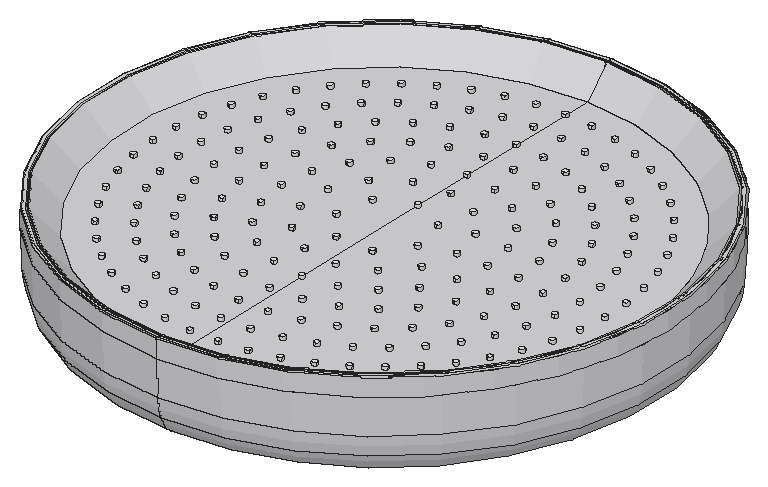
Revit family "Shower-Rainhead-KOHLER-K-26292T_1", category Plumbing Fixtures, host Face, Revit 2017
Family settings
  Host = Face
  Round Connector Dimension = Use Diameter
  Part Type = Normal
  OmniClass Number = 23.31.17.00
  OmniClass Title = Showers
  Cut with Voids When Loaded = No
  Shared = No
  Room Calculation Point = No
Parameters (values of type "CP-Polished Chrome")
  Width = 13 115/128"  # constant formula
  WaterSense Certified = 1 = 0  # no
  Waste Water Outlet = "Waste Water Outlet"  # constant formula
  Waste Connection = 1 = 0  # no
  Vent Connection = 1 = 0  # no
  URL = "https://www.kohler.co.in/"
  Type = 1
  Product Page URL = ""
  Product Name = "Rainhead"  # constant formula
  Product Documentation Link = ""
  Pressure = 0.00 psi
  Model = if(Type = 1, "K-26292T-CP", if(Type = 2, "K-26292T-BN", if(Type = 3, "K-26292T-BL", if(Type = 4, "K-26292T-2MB", if(Type = 5, "K-26292T-AF", if(Type = 6, "K-26292T-RGD", "NA"))))))  # "K-26292T-CP"
  Material = "Brass Construction"  # constant formula
  Master Format 2014 Name = "Residential Showers"  # constant formula
  Master Format 2014 = "22 42 23"  # constant formula
  Manufacturer Address = "Kohler Beijing Office (100016) 36-2-03-B, No. 88, Liuxiang Road, Beijing"  # constant formula
  Manufacturer = "KOHLER Co."  # constant formula
  Length = 13 115/128"  # constant formula
  Hot Water Inlet = "Tempered Water Inlet"  # constant formula
  Height = 3 31/32"  # constant formula
  HW Connection = 1 = 1  # yes
  Flow Rate = 2.5 GPM  # constant formula
  Finish = Kohler-Metal-CP-Polished_Chrome
  Environmental Product Declaration = ""
  Drain Included = 1 = 0  # no
  Description = "1F MEDIUM ROUND RAINHEAD"  # constant formula
  Default Elevation = 0"
  Declare Label = ""
  Date Modified = "02/02/2021"  # constant formula
  Date Created = "02/02/2021"  # constant formula
  Copyright = "Copyright KOHLER Co."  # constant formula
  Contact Us = "http://www.kohler.com.cn/contact/contact-us/"
  Cold Water Inlet = "Cold Water Inlet"  # constant formula
  CW Connection = 1 = 0  # no
  Assembly Code = "D2010700"
  ADA Compliant = 1 = 0  # no
Types (7): name | Type | Model | Finish
  (no name) | 1 | "K-26292T-CP" | Kohler-Metal-CP-Polished_Chrome
  CP-Polished Chrome | 1 | "K-26292T-CP" | Kohler-Metal-CP-Polished_Chrome
  BN-Vibrant Brushed Nickel | 2 | "K-26292T-BN" | Kohler-Metal-BN-Vibrant_Brushed_Nickel
  BL-Matte Black | 3 | "K-26292T-BL" | Kohler-Metal-BL-Matte_Black
  2MB-Vibrant Brushed Moderne Brass | 4 | "K-26292T-2MB" | Kohler-Metal-2MB-Vibrant_Brushed_Moderne_Brass
  AF-Flange Gold | 5 | "K-26292T-AF" | Kohler-Metal-AF-Flange_Gold
  RGD-PolishedRoseGold | 6 | "K-26292T-RGD" | Kohler-Metal-RGD-Polished_Rose_Gold
Reference planes (in)
  plane 1 "Center (Front/Back)": y = 0
  plane 2: z = 0
  plane 3 "Center (Left/Right)": x = 0
  plane 4: y = 6.95
  plane 5: x = -6.95
  plane 6: x = 6.94844
  plane 7: z = 3.96875
  plane 8: z = 1.19
  plane 9: y = -6.94844
Dimensions and locks (in)
  "Height": plane 7 to level
  "Width": plane 5 to plane 6
  "Length": plane 4 to plane 9
  aligned and locked: plane 2 to host face
  aligned and locked: level to host face
Automatic sketch dimensions
  host sketch curve to host sketch curve = 96"  (x2)
Nested families (in)
  nested 1: "K-26292T" at (0, 0, 0), type "K-26292T"
Connectors (in)
  piping at (0, 0, 0), diameter 0.5, driven by "HW Connection", driven by "Hot Water Inlet", driven by "Flow Rate"
    settings: on nested 1, index 1, connector inside diameter 24", connector length 0", flow factor 0, pipe flow 2.5 GPM, pressure drop 0.00 psi, fitting loss kfactor 0, connector angle 0.00°, fixture units 0, engagement length 0", angle of deflection 0.00°, flow configuration 1, flow direction 1, fitting loss method 0, system type 19, joint type 0, gender type 0, connector reference index -1, connector utility 1, adjustable connector no, is connector primary yes, connector description "Tempered Water Inlet"
Definition of nested family "K-26292T"
  Parameters (values of type "K-26292IN")
    Material = none
  Reference planes (in)
    plane 1 "Center (Front/Back)": y = 0
    plane 2: z = 0
    plane 3 "Center (Left/Right)": x = 0
    plane 4: x = -6.95
    plane 5: z = 3.97
    plane 6: z = 1.19
    plane 7: y = 6.95
    plane 8: x = 6.95
    plane 9: y = -6.95
  Forms (in)
    Revolve 1, solid, material <- "Material", detail levels medium+fine
      sketch origin (0, 0, 0) x (0, 1, 0) y (0, 0, 1)
        loop
          line (6.9281, 3.97) -> (6.8528, 3.97)
          arc (6.8528, 3.97) -> (6.83763, 3.96375) -> (6.83126, 3.94862) r 0.02155
          line (6.83126, 3.94862) -> (6.82967, 3.74213)
          arc (6.82967, 3.74213) -> (6.8221, 3.7815) -> (6.81956, 3.82151) r 0.31694
          line (6.81956, 3.82151) -> (6.81956, 3.95421)
          arc (6.81956, 3.95421) -> (6.81092, 3.96709) -> (6.79573, 3.96396) r 0.01391
          line (6.79573, 3.96396) -> (6.19738, 3.35453) -> (0, 3.35453) -> (0, 0) -> (0.47469, 0)
          arc (0.47469, 0) -> (0.48914, 0.00599) -> (0.49513, 0.02045) r 0.02045
          line (0.49513, 0.02045) -> (0.49513, 0.75101)
          arc (0.49513, 0.75101) -> (0.45634, 0.879) -> (0.35301, 0.96391) r 0.23052
          arc (0.35301, 0.96391) -> (0.31081, 1.0177) -> (0.33479, 1.08171) r 0.06978
          arc (0.33479, 1.08171) -> (0.44098, 1.20145) -> (0.50852, 1.34654) r 0.55414
          line (0.50852, 1.34654) -> (2.57513, 1.34654)
          arc (2.57513, 1.34654) -> (4.09102, 1.37419) -> (5.60489, 1.4571) r 41.56538
          arc (5.60489, 1.4571) -> (5.97056, 1.51447) -> (6.32179, 1.63124) r 2.24137
          arc (6.32179, 1.63124) -> (6.62545, 1.84229) -> (6.82058, 2.1564) r 0.91369
          arc (6.82058, 2.1564) -> (6.8901, 2.39883) -> (6.92366, 2.64879) r 1.73194
          arc (6.92366, 2.64879) -> (6.94341, 3.08298) -> (6.95, 3.51757) r 14.34154
          line (6.95, 3.51757) -> (6.95, 3.9481)
          arc (6.95, 3.9481) -> (6.94359, 3.96359) -> (6.9281, 3.97) r 0.0219
        axis (0, 3.97) -> (0, 0)
      angle from 0 to 360
    Extrusion 2, solid, material <- "Material", detail levels medium+fine
      sketch origin (0, 0, 0) x (1, 0, 0) y (0, 1, 0)
        loop
          circle (0, 0) r 0.5
        loop
          line (-0.35408, -0.85482) -> (0.35408, -0.85482) -> (0.85482, -0.35408) -> (0.85482, 0.35408) -> (0.35408, 0.85482) -> (-0.35408, 0.85482) -> (-0.85482, 0.35408) -> (-0.85482, -0.35408) -> (-0.35408, -0.85482)
      from 1.19 to 1.34654
    Sweep 3, solid, material <- "Material", detail levels medium+fine
      path origin (0, 0, 0) x (1, 0, 0) y (0, 1, 0)
        loop
          arc (0.8528, -0.37751) -> (0.8655, -0.3585) -> (0.86996, -0.33608) r 0.05859
          line (0.86996, -0.33608) -> (0.86996, 0.33608)
          arc (0.86996, 0.33608) -> (0.8655, 0.3585) -> (0.8528, 0.37751) r 0.05859
          line (0.8528, 0.37751) -> (0.37779, 0.85252)
          arc (0.37779, 0.85252) -> (0.35847, 0.86543) -> (0.33568, 0.86996) r 0.05955
          line (0.33568, 0.86996) -> (-0.33608, 0.86996)
          arc (-0.33608, 0.86996) -> (-0.3585, 0.8655) -> (-0.37751, 0.8528) r 0.05859
          line (-0.37751, 0.8528) -> (-0.8528, 0.37751)
          arc (-0.8528, 0.37751) -> (-0.8655, 0.3585) -> (-0.86996, 0.33608) r 0.05859
          line (-0.86996, 0.33608) -> (-0.86996, -0.33608)
          arc (-0.86996, -0.33608) -> (-0.8655, -0.3585) -> (-0.8528, -0.37751) r 0.05859
          line (-0.8528, -0.37751) -> (-0.37751, -0.8528)
          arc (-0.37751, -0.8528) -> (-0.3585, -0.8655) -> (-0.33608, -0.86996) r 0.05859
          line (-0.33608, -0.86996) -> (0.33608, -0.86996)
          arc (0.33608, -0.86996) -> (0.3585, -0.8655) -> (0.37751, -0.8528) r 0.05859
          line (0.37751, -0.8528) -> (0.8528, -0.37751)
      profile origin (0.61515, -0.61515, 0) x (0.707107, -0.707107, 0) y (0, 0, 1)
        loop
          line (-0.03076, 1.34654) -> (-0.03076, 1.19) -> (0.00031, 1.19)
          arc (0.00031, 1.19) -> (0.02793, 1.20144) -> (0.03937, 1.22906) r 0.03906
          line (0.03937, 1.22906) -> (0.03937, 1.3076)
          arc (0.03937, 1.3076) -> (0.02797, 1.33513) -> (0.00043, 1.34654) r 0.03894
          line (0.00043, 1.34654) -> (-0.03076, 1.34654)
    Extrusion 4, void
      sketch origin (0, 0, 0) x (1, 0, 0) y (0, 0, 1)
        loop
          line (-0.45475, 0.18235) -> (-0.45475, 0.92904) -> (-0.52139, 0.92904) -> (-0.52139, 0.09882) -> (-0.4667, 0.1535)
          arc (-0.4667, 0.1535) -> (-0.45786, 0.16674) -> (-0.45475, 0.18235) r 0.0408
        loop
          arc (0.45475, 0.18235) -> (0.45786, 0.16674) -> (0.4667, 0.1535) r 0.0408
          line (0.4667, 0.1535) -> (0.52139, 0.09882) -> (0.52139, 0.92904) -> (0.45475, 0.92904) -> (0.45475, 0.18235)
      from -1 to 1
    Extrusion 5, solid, detail levels medium+fine
      sketch origin (0, 0, 0) x (1, 0, 0) y (0, 1, 0)
        loop
          circle (-0.44206, -0.91889) r 0.06311
        loop
          circle (-0.99404, -0.22731) r 0.06311
        loop
          circle (-0.79749, 0.63545) r 0.06311
        loop
          circle (0, 1.0197) r 0.06311
        loop
          circle (0.44206, -0.91889) r 0.06311
        loop
          circle (0.99404, -0.22731) r 0.06311
        loop
          circle (0.79749, 0.63545) r 0.06311
        loop
          circle (1.76861, 0) r 0.06311
        loop
          circle (2.51861, 0) r 0.06311
        loop
          circle (3.26861, 0) r 0.06311
        loop
          circle (1.56602, 0.82191) r 0.06311
        loop
          circle (1.00468, 1.45553) r 0.06311
        loop
          circle (0.21318, 1.75571) r 0.06311
        loop
          circle (-0.62716, 1.65368) r 0.06311
        loop
          circle (-1.32382, 1.1728) r 0.06311
        loop
          circle (-1.71721, 0.42326) r 0.06311
        loop
          circle (1.56602, -0.82191) r 0.06311
        loop
          circle (1.00468, -1.45553) r 0.06311
        loop
          circle (0.21318, -1.75571) r 0.06311
        loop
          circle (-0.62716, -1.65368) r 0.06311
        loop
          circle (-1.32382, -1.1728) r 0.06311
        loop
          circle (-1.71721, -0.42326) r 0.06311
        loop
          circle (2.39534, 0.77829) r 0.06311
        loop
          circle (2.03759, 1.4804) r 0.06311
        loop
          circle (1.4804, 2.03759) r 0.06311
        loop
          circle (0.77829, 2.39534) r 0.06311
        loop
          circle (0, 2.51861) r 0.06311
        loop
          circle (-2.51861, 0) r 0.06311
        loop
          circle (-2.39534, 0.77829) r 0.06311
        loop
          circle (-2.03759, 1.4804) r 0.06311
        loop
          circle (-1.4804, 2.03759) r 0.06311
        loop
          circle (-0.77829, 2.39534) r 0.06311
        loop
          circle (2.39534, -0.77829) r 0.06311
        loop
          circle (2.03759, -1.4804) r 0.06311
        loop
          circle (1.4804, -2.03759) r 0.06311
        loop
          circle (0.77829, -2.39534) r 0.06311
        loop
          circle (0, -2.51861) r 0.06311
        loop
          circle (-2.39534, -0.77829) r 0.06311
        loop
          circle (-2.03759, -1.4804) r 0.06311
        loop
          circle (-1.4804, -2.03759) r 0.06311
        loop
          circle (-0.77829, -2.39534) r 0.06311
        loop
          circle (3.1805, 0.75379) r 0.06311
        loop
          circle (2.92093, 1.46695) r 0.06311
        loop
          circle (2.5039, 2.10102) r 0.06311
        loop
          circle (1.95188, 2.62182) r 0.06311
        loop
          circle (1.29463, 3.00129) r 0.06311
        loop
          circle (0.56759, 3.21895) r 0.06311
        loop
          circle (-0.19005, 3.26308) r 0.06311
        loop
          circle (-0.93745, 3.13129) r 0.06311
        loop
          circle (-1.6343, 2.8307) r 0.06311
        loop
          circle (-2.24305, 2.3775) r 0.06311
        loop
          circle (-2.73088, 1.79613) r 0.06311
        loop
          circle (-3.07148, 1.11793) r 0.06311
        loop
          circle (-3.2465, 0.37946) r 0.06311
        loop
          circle (3.1805, -0.75379) r 0.06311
        loop
          circle (2.92093, -1.46695) r 0.06311
        loop
          circle (2.5039, -2.10102) r 0.06311
        loop
          circle (1.95188, -2.62182) r 0.06311
        loop
          circle (1.29463, -3.00129) r 0.06311
        loop
          circle (0.56759, -3.21895) r 0.06311
        loop
          circle (-0.19005, -3.26308) r 0.06311
        loop
          circle (-0.93745, -3.13129) r 0.06311
        loop
          circle (-1.6343, -2.8307) r 0.06311
        loop
          circle (-2.24305, -2.3775) r 0.06311
        loop
          circle (-2.73088, -1.79613) r 0.06311
        loop
          circle (-3.07148, -1.11793) r 0.06311
        loop
          circle (-3.2465, -0.37946) r 0.06311
        loop
          circle (0, 4.01861) r 0.06311
        loop
          circle (-0.71755, 3.95403) r 0.06311
        loop
          circle (-1.41204, 3.76236) r 0.06311
        loop
          circle (-2.06114, 3.44977) r 0.06311
        loop
          circle (-2.644, 3.0263) r 0.06311
        loop
          circle (-3.14187, 2.50556) r 0.06311
        loop
          circle (-3.53877, 1.90429) r 0.06311
        loop
          circle (-3.82192, 1.24182) r 0.06311
        loop
          circle (-3.98224, 0.53943) r 0.06311
        loop
          circle (-4.01456, -0.18029) r 0.06311
        loop
          circle (-3.91785, -0.89422) r 0.06311
        loop
          circle (-3.69522, -1.57941) r 0.06311
        loop
          circle (-3.35382, -2.21384) r 0.06311
        loop
          circle (-2.90463, -2.77711) r 0.06311
        loop
          circle (-2.36208, -3.25112) r 0.06311
        loop
          circle (-1.74361, -3.62064) r 0.06311
        loop
          circle (-1.0691, -3.87379) r 0.06311
        loop
          circle (-0.36023, -4.00243) r 0.06311
        loop
          circle (0.71755, 3.95403) r 0.06311
        loop
          circle (1.41204, 3.76236) r 0.06311
        loop
          circle (2.06114, 3.44977) r 0.06311
        loop
          circle (2.644, 3.0263) r 0.06311
        loop
          circle (3.14187, 2.50556) r 0.06311
        loop
          circle (3.53877, 1.90429) r 0.06311
        loop
          circle (3.82192, 1.24182) r 0.06311
        loop
          circle (3.98224, 0.53943) r 0.06311
        loop
          circle (4.01456, -0.18029) r 0.06311
        loop
          circle (3.91785, -0.89422) r 0.06311
        loop
          circle (3.69522, -1.57941) r 0.06311
        loop
          circle (3.35382, -2.21384) r 0.06311
        loop
          circle (2.90463, -2.77711) r 0.06311
        loop
          circle (2.36208, -3.25112) r 0.06311
        loop
          circle (1.74361, -3.62064) r 0.06311
        loop
          circle (1.0691, -3.87379) r 0.06311
        loop
          circle (0.36023, -4.00243) r 0.06311
        loop
          circle (4.76861, 0) r 0.06311
        loop
          circle (4.71779, 0.69431) r 0.06311
        loop
          circle (4.56642, 1.37383) r 0.06311
        loop
          circle (4.31773, 2.02407) r 0.06311
        loop
          circle (3.97701, 2.63116) r 0.06311
        loop
          circle (3.55152, 3.18218) r 0.06311
        loop
          circle (3.05035, 3.66538) r 0.06311
        loop
          circle (2.48416, 4.07045) r 0.06311
        loop
          circle (1.86502, 4.38877) r 0.06311
        loop
          circle (1.20614, 4.61355) r 0.06311
        loop
          circle (0.52155, 4.74) r 0.06311
        loop
          circle (-0.17416, 4.76542) r 0.06311
        loop
          circle (-0.86615, 4.68928) r 0.06311
        loop
          circle (-1.53969, 4.5132) r 0.06311
        loop
          circle (-2.18041, 4.24092) r 0.06311
        loop
          circle (-2.77466, 3.87826) r 0.06311
        loop
          circle (-3.30977, 3.43294) r 0.06311
        loop
          circle (-3.77433, 2.91445) r 0.06311
        loop
          circle (-4.15846, 2.33384) r 0.06311
        loop
          circle (-4.45395, 1.70349) r 0.06311
        loop
          circle (-4.65452, 1.03684) r 0.06311
        loop
          circle (-4.75588, 0.34809) r 0.06311
        loop
          circle (4.71779, -0.69431) r 0.06311
        loop
          circle (4.56642, -1.37383) r 0.06311
        loop
          circle (4.31773, -2.02407) r 0.06311
        loop
          circle (3.97701, -2.63116) r 0.06311
        loop
          circle (3.55152, -3.18218) r 0.06311
        loop
          circle (3.05035, -3.66538) r 0.06311
        loop
          circle (2.48416, -4.07045) r 0.06311
        loop
          circle (1.86502, -4.38877) r 0.06311
        loop
          circle (1.20614, -4.61355) r 0.06311
        loop
          circle (0.52155, -4.74) r 0.06311
        loop
          circle (-0.17416, -4.76542) r 0.06311
        loop
          circle (-0.86615, -4.68928) r 0.06311
        loop
          circle (-1.53969, -4.5132) r 0.06311
        loop
          circle (-2.18041, -4.24092) r 0.06311
        loop
          circle (-2.77466, -3.87826) r 0.06311
        loop
          circle (-3.30977, -3.43294) r 0.06311
        loop
          circle (-3.77433, -2.91445) r 0.06311
        loop
          circle (-4.15846, -2.33384) r 0.06311
        loop
          circle (-4.45395, -1.70349) r 0.06311
        loop
          circle (-4.65452, -1.03684) r 0.06311
        loop
          circle (-4.75588, -0.34809) r 0.06311
        loop
          circle (0, 5.51861) r 0.06311
        loop
          circle (1.34606, 5.35193) r 0.06311
        loop
          circle (0.67817, 5.47678) r 0.06311
        loop
          circle (2.61082, 4.86196) r 0.06311
        loop
          circle (1.99355, 5.14595) r 0.06311
        loop
          circle (3.71786, 4.0783) r 0.06311
        loop
          circle (3.18851, 4.50427) r 0.06311
        loop
          circle (4.60032, 3.04828) r 0.06311
        loop
          circle (4.19086, 3.59051) r 0.06311
        loop
          circle (5.2049, 1.83414) r 0.06311
        loop
          circle (4.94005, 2.45985) r 0.06311
        loop
          circle (5.49506, 0.50919) r 0.06311
        loop
          circle (5.39084, 1.18061) r 0.06311
        loop
          circle (5.4533, -0.84651) r 0.06311
        loop
          circle (5.51599, -0.16995) r 0.06311
        loop
          circle (5.08211, -2.15107) r 0.06311
        loop
          circle (5.30794, -1.51024) r 0.06311
        loop
          circle (4.40394, -3.3257) r 0.06311
        loop
          circle (4.77925, -2.7593) r 0.06311
        loop
          circle (3.45975, -4.29944) r 0.06311
        loop
          circle (3.96187, -3.84169) r 0.06311
        loop
          circle (2.30656, -5.01346) r 0.06311
        loop
          circle (2.90517, -4.69201) r 0.06311
        loop
          circle (1.01404, -5.42464) r 0.06311
        loop
          circle (1.67298, -5.25891) r 0.06311
        loop
          circle (0.33973, -5.50814) r 0.06311
        loop
          circle (-1.34606, 5.35193) r 0.06311
        loop
          circle (-0.67817, 5.47678) r 0.06311
        loop
          circle (-2.61082, 4.86196) r 0.06311
        loop
          circle (-1.99355, 5.14595) r 0.06311
        loop
          circle (-3.71786, 4.0783) r 0.06311
        loop
          circle (-3.18851, 4.50427) r 0.06311
        loop
          circle (-4.60032, 3.04828) r 0.06311
        loop
          circle (-4.19086, 3.59051) r 0.06311
        loop
          circle (-5.2049, 1.83414) r 0.06311
        loop
          circle (-4.94005, 2.45985) r 0.06311
        loop
          circle (-5.49506, 0.50919) r 0.06311
        loop
          circle (-5.39084, 1.18061) r 0.06311
        loop
          circle (-5.4533, -0.84651) r 0.06311
        loop
          circle (-5.51599, -0.16995) r 0.06311
        loop
          circle (-5.08211, -2.15107) r 0.06311
        loop
          circle (-5.30794, -1.51024) r 0.06311
        loop
          circle (-4.40394, -3.3257) r 0.06311
        loop
          circle (-4.77925, -2.7593) r 0.06311
        loop
          circle (-3.45975, -4.29944) r 0.06311
        loop
          circle (-3.96187, -3.84169) r 0.06311
        loop
          circle (-2.30656, -5.01346) r 0.06311
        loop
          circle (-2.90517, -4.69201) r 0.06311
        loop
          circle (-1.01404, -5.42464) r 0.06311
        loop
          circle (-1.67298, -5.25891) r 0.06311
        loop
          circle (-0.33973, -5.50814) r 0.06311
      from 3.14063 to 3.41016
    Revolve 6, solid, material <- "Material", detail levels coarse
      sketch origin (0, 0, 0) x (0, 1, 0) y (0, 0, 1)
        loop
          line (0, 3.35453) -> (0, 0) -> (0.49513, 0) -> (0.49513, 1.19) -> (0.90933, 1.19) -> (0.90933, 1.34654) -> (6.17793, 1.34654) -> (6.95, 2.11861) -> (6.95, 3.97) -> (6.80166, 3.97) -> (6.19738, 3.35453) -> (0, 3.35453)
        axis (0, 3.97) -> (0, 0)
      angle from 0 to 360
  Cuts and joins
    Extrusion 4 cuts Revolve 1
    joined: Extrusion 2, Sweep 3
  Lines and regions (in)
    Masking region 1
      outline origin (0, 0, 0) x (0, 1, 0) y (0, 0, 1)
        loop
          line (6.9281, 3.97) -> (-6.9281, 3.97)
          arc (-6.9281, 3.97) -> (-6.94359, 3.96359) -> (-6.95, 3.9481) r 0.0219
          line (-6.95, 3.9481) -> (-6.95, 3.51757)
          arc (-6.95, 3.51757) -> (-6.94341, 3.08298) -> (-6.92366, 2.64879) r 14.34154
          arc (-6.92366, 2.64879) -> (-6.8901, 2.39883) -> (-6.82058, 2.1564) r 1.73194
          arc (-6.82058, 2.1564) -> (-6.62545, 1.84229) -> (-6.32179, 1.63124) r 0.91369
          arc (-6.32179, 1.63124) -> (-5.97056, 1.51447) -> (-5.60489, 1.4571) r 2.24137
          arc (-5.60489, 1.4571) -> (-4.09102, 1.37419) -> (-2.57513, 1.34654) r 41.56538
          line (-2.57513, 1.34654) -> (-0.86977, 1.34654)
          arc (-0.86977, 1.34654) -> (-0.89774, 1.33495) -> (-0.90933, 1.30697) r 0.03956
          line (-0.90933, 1.30697) -> (-0.90933, 1.22728)
          arc (-0.90933, 1.22728) -> (-0.89841, 1.20092) -> (-0.87205, 1.19) r 0.03728
          line (-0.87205, 1.19) -> (-0.43326, 1.19)
          arc (-0.43326, 1.19) -> (-0.38762, 1.13259) -> (-0.33479, 1.08171) r 0.55414
          arc (-0.33479, 1.08171) -> (-0.31081, 1.0177) -> (-0.35301, 0.96391) r 0.06978
          arc (-0.35301, 0.96391) -> (-0.45634, 0.879) -> (-0.49513, 0.75101) r 0.23052
          line (-0.49513, 0.75101) -> (-0.49513, 0.02045)
          arc (-0.49513, 0.02045) -> (-0.48914, 0.00599) -> (-0.47469, 0) r 0.02045
          line (-0.47469, 0) -> (0.47469, 0)
          arc (0.47469, 0) -> (0.48914, 0.00599) -> (0.49513, 0.02045) r 0.02045
          line (0.49513, 0.02045) -> (0.49513, 0.75101)
          arc (0.49513, 0.75101) -> (0.45634, 0.879) -> (0.35301, 0.96391) r 0.23052
          arc (0.35301, 0.96391) -> (0.31081, 1.0177) -> (0.33479, 1.08171) r 0.06978
          arc (0.33479, 1.08171) -> (0.38762, 1.13259) -> (0.43326, 1.19) r 0.55414
          line (0.43326, 1.19) -> (0.87205, 1.19)
          arc (0.87205, 1.19) -> (0.89841, 1.20092) -> (0.90933, 1.22728) r 0.03728
          line (0.90933, 1.22728) -> (0.90933, 1.30697)
          arc (0.90933, 1.30697) -> (0.89774, 1.33495) -> (0.86977, 1.34654) r 0.03956
          line (0.86977, 1.34654) -> (2.57513, 1.34654)
          arc (2.57513, 1.34654) -> (4.09102, 1.37419) -> (5.60489, 1.4571) r 41.56538
          arc (5.60489, 1.4571) -> (5.97056, 1.51447) -> (6.32179, 1.63124) r 2.24137
          arc (6.32179, 1.63124) -> (6.62545, 1.84229) -> (6.82058, 2.1564) r 0.91369
          arc (6.82058, 2.1564) -> (6.8901, 2.39883) -> (6.92366, 2.64879) r 1.73194
          arc (6.92366, 2.64879) -> (6.94341, 3.08298) -> (6.95, 3.51757) r 14.34154
          line (6.95, 3.51757) -> (6.95, 3.9481)
          arc (6.95, 3.9481) -> (6.94359, 3.96359) -> (6.9281, 3.97) r 0.0219
    Masking region 2
      outline origin (0, 0, 0) x (1, 0, 0) y (0, 0, 1)
        loop
          arc (-6.9281, 3.97) -> (-6.94359, 3.96359) -> (-6.95, 3.9481) r 0.0219
          line (-6.95, 3.9481) -> (-6.95, 3.51757)
          arc (-6.95, 3.51757) -> (-6.94341, 3.08298) -> (-6.92366, 2.64879) r 14.34154
          arc (-6.92366, 2.64879) -> (-6.8901, 2.39883) -> (-6.82058, 2.1564) r 1.73194
          arc (-6.82058, 2.1564) -> (-6.62545, 1.84229) -> (-6.32179, 1.63124) r 0.91369
          arc (-6.32179, 1.63124) -> (-5.97056, 1.51447) -> (-5.60489, 1.4571) r 2.24137
          arc (-5.60489, 1.4571) -> (-4.09102, 1.37419) -> (-2.57513, 1.34654) r 41.56538
          line (-2.57513, 1.34654) -> (-0.86977, 1.34654)
          arc (-0.86977, 1.34654) -> (-0.89774, 1.33495) -> (-0.90933, 1.30697) r 0.03956
          line (-0.90933, 1.30697) -> (-0.90933, 1.22728)
          arc (-0.90933, 1.22728) -> (-0.89841, 1.20092) -> (-0.87205, 1.19) r 0.03728
          line (-0.87205, 1.19) -> (-0.43326, 1.19)
          arc (-0.43326, 1.19) -> (-0.38762, 1.13259) -> (-0.33479, 1.08171) r 0.55414
          arc (-0.33479, 1.08171) -> (-0.31081, 1.0177) -> (-0.35301, 0.96391) r 0.06978
          arc (-0.35301, 0.96391) -> (-0.40987, 0.93001) -> (-0.45475, 0.88135) r 0.23052
          line (-0.45475, 0.88135) -> (-0.45475, 0.18235)
          arc (-0.45475, 0.18235) -> (-0.45786, 0.16674) -> (-0.4667, 0.1535) r 0.0408
          line (-0.4667, 0.1535) -> (-0.49513, 0.12507) -> (-0.49513, 0.02045)
          arc (-0.49513, 0.02045) -> (-0.48914, 0.00599) -> (-0.47469, 0) r 0.02045
          line (-0.47469, 0) -> (0.47469, 0)
          arc (0.47469, 0) -> (0.48914, 0.00599) -> (0.49513, 0.02045) r 0.02045
          line (0.49513, 0.02045) -> (0.49513, 0.12507) -> (0.4667, 0.1535)
          arc (0.4667, 0.1535) -> (0.45786, 0.16674) -> (0.45475, 0.18235) r 0.0408
          line (0.45475, 0.18235) -> (0.45475, 0.88135)
          arc (0.45475, 0.88135) -> (0.40987, 0.93001) -> (0.35301, 0.96391) r 0.23052
          arc (0.35301, 0.96391) -> (0.31081, 1.0177) -> (0.33479, 1.08171) r 0.06978
          arc (0.33479, 1.08171) -> (0.38762, 1.13259) -> (0.43326, 1.19) r 0.55414
          line (0.43326, 1.19) -> (0.87205, 1.19)
          arc (0.87205, 1.19) -> (0.89841, 1.20092) -> (0.90933, 1.22728) r 0.03728
          line (0.90933, 1.22728) -> (0.90933, 1.30697)
          arc (0.90933, 1.30697) -> (0.89774, 1.33495) -> (0.86977, 1.34654) r 0.03956
          line (0.86977, 1.34654) -> (2.57513, 1.34654)
          arc (2.57513, 1.34654) -> (4.09102, 1.37419) -> (5.60489, 1.4571) r 41.56538
          arc (5.60489, 1.4571) -> (5.97056, 1.51447) -> (6.32179, 1.63124) r 2.24137
          arc (6.32179, 1.63124) -> (6.62545, 1.84229) -> (6.82058, 2.1564) r 0.91369
          arc (6.82058, 2.1564) -> (6.8901, 2.39883) -> (6.92366, 2.64879) r 1.73194
          arc (6.92366, 2.64879) -> (6.94341, 3.08298) -> (6.95, 3.51757) r 14.34154
          line (6.95, 3.51757) -> (6.95, 3.9481)
          arc (6.95, 3.9481) -> (6.94359, 3.96359) -> (6.9281, 3.97) r 0.0219
          line (6.9281, 3.97) -> (-6.9281, 3.97)
    Masking region 3
      outline origin (0, 0, 0) x (1, 0, 0) y (0, 1, 0)
        loop
          circle (0, 0) r 7
    symbolic lines, detail levels medium+fine
      curve 1: line (-0.86977, 0, 1.34654) -> (0.86977, 0, 1.34654)
      curve 2: line (-0.43326, 0, 1.19) -> (0.43326, 0, 1.19)
      curve 3: line (-0.49513, 0, 0.02045) -> (0.49513, 0, 0.02045)
      curve 4: line (-0.45475, 0, 0.75101) -> (0.45475, 0, 0.75101)
      curve 5: line (0.35413, 0, 0.96346) -> (-0.35413, 0, 0.96346)
      curve 6: line (0.33546, 0, 1.08228) -> (-0.33546, 0, 1.08228)
      curve 7: line (-0.8805, 0, 1.22843) -> (-0.8805, 0, 1.30717)
      curve 8: line (-0.40548, 0, 1.22843) -> (-0.40548, 0, 1.30717)
      curve 9: line (-0.33589, 0, 1.34654) -> (-0.33589, 0, 1.19)
      curve 10: arc (-0.8805, 0, 1.30717) -> (-0.87952, 0, 1.31769) -> (-0.87661, 0, 1.32786) r 0.05701
      curve 11: arc (-0.87661, 0, 1.32786) -> (-0.86721, 0, 1.34049) -> (-0.85266, 0, 1.34654) r 0.02968
      curve 12: arc (-0.8805, 0, 1.22843) -> (-0.87952, 0, 1.2179) -> (-0.87661, 0, 1.20773) r 0.05701
      curve 13: arc (-0.87661, 0, 1.20773) -> (-0.86899, 0, 1.1966) -> (-0.85723, 0, 1.19) r 0.02968
      curve 14: arc (-0.40548, 0, 1.30717) -> (-0.4045, 0, 1.31769) -> (-0.4016, 0, 1.32786) r 0.05701
      curve 15: arc (-0.4016, 0, 1.32786) -> (-0.39219, 0, 1.34049) -> (-0.37765, 0, 1.34654) r 0.02968
      curve 16: arc (-0.40548, 0, 1.22843) -> (-0.4045, 0, 1.2179) -> (-0.4016, 0, 1.20773) r 0.05701
      curve 17: arc (-0.4016, 0, 1.20773) -> (-0.39397, 0, 1.1966) -> (-0.38222, 0, 1.19) r 0.02968
      curve 18: line (0.8805, 0, 1.22709) -> (0.8805, 0, 1.30717)
      curve 19: line (0.40548, 0, 1.22843) -> (0.40548, 0, 1.30717)
      curve 20: line (0.33589, 0, 1.34654) -> (0.33589, 0, 1.19)
      curve 21: arc (0.87661, 0, 1.32786) -> (0.86721, 0, 1.34049) -> (0.85266, 0, 1.34654) r 0.02968
      curve 22: arc (0.4016, 0, 1.32786) -> (0.39219, 0, 1.34049) -> (0.37765, 0, 1.34654) r 0.02968
      curve 23: arc (0.4016, 0, 1.20773) -> (0.39397, 0, 1.1966) -> (0.38222, 0, 1.19) r 0.02968
      curve 24: arc (0.40548, 0, 1.30717) -> (0.4045, 0, 1.31769) -> (0.4016, 0, 1.32786) r 0.05701
      curve 25: arc (0.4016, 0, 1.20773) -> (0.4045, 0, 1.2179) -> (0.40548, 0, 1.22843) r 0.05701
      curve 26: arc (0.8805, 0, 1.30717) -> (0.87952, 0, 1.31769) -> (0.87661, 0, 1.32786) r 0.05701
      curve 27: arc (0.87661, 0, 1.2064) -> (0.87039, 0, 1.19664) -> (0.8609, 0, 1.19) r 0.02968
      curve 28: arc (0.8805, 0, 1.22709) -> (0.87952, 0, 1.21656) -> (0.87661, 0, 1.2064) r 0.05701
      curve 29: line (-0.90933, 0, 1.30697) -> (0.90933, 0, 1.30697)
      curve 30: line (-0.90933, 0, 1.22728) -> (0.90933, 0, 1.22728)
      curve 31: line (0, 0.86977, 1.34654) -> (0, -0.86977, 1.34654)
      curve 32: line (0, -0.90933, 1.30697) -> (0, 0.90933, 1.30697)
      curve 33: line (0, 0.90933, 1.22728) -> (0, -0.90933, 1.22728)
      curve 34: line (0, 0.43326, 1.19) -> (0, -0.43326, 1.19)
      curve 35: line (0, 0.35301, 0.96391) -> (0, -0.35301, 0.96391)
      curve 36: line (0, 0.49513, 0.75101) -> (0, 0.19585, 0.75101)
      curve 37: line (0, 0.49513, 0.02045) -> (0, -0.49513, 0.02045)
      curve 38: line (0, 0.8805, 1.22843) -> (0, 0.8805, 1.30717)
      curve 39: line (0, 0.40548, 1.22843) -> (0, 0.40548, 1.30717)
      curve 40: line (0, 0.33589, 1.19) -> (0, 0.33589, 1.34654)
      curve 41: arc (0, 0.8805, 1.30717) -> (0, 0.8787, 1.32099) -> (0, 0.87341, 1.3339) r 0.05392
      curve 42: arc (0, 0.87341, 1.3339) -> (0, 0.86501, 1.34269) -> (0, 0.85348, 1.34654) r 0.02521
      curve 43: arc (0, 0.87557, 1.2067) -> (0, 0.87925, 1.21728) -> (0, 0.8805, 1.22843) r 0.05029
      curve 44: arc (0, 0.86053, 1.19) -> (0, 0.86925, 1.19726) -> (0, 0.87557, 1.2067) r 0.03978
      curve 45: arc (0, 0.40548, 1.30717) -> (0, 0.40394, 1.3199) -> (0, 0.39938, 1.33189) r 0.05317
      curve 46: arc (0, 0.39938, 1.33189) -> (0, 0.39036, 1.34196) -> (0, 0.37765, 1.34654) r 0.02762
      curve 47: arc (0, 0.39977, 1.20441) -> (0, 0.40404, 1.21608) -> (0, 0.40548, 1.22843) r 0.0533
      curve 48: arc (0, 0.38398, 1.19) -> (0, 0.3932, 1.19575) -> (0, 0.39977, 1.20441) r 0.03005
      curve 49: line (0, -0.33589, 1.19) -> (0, -0.33589, 1.34654)
      curve 50: line (0, -0.40548, 1.22843) -> (0, -0.40548, 1.30717)
      curve 51: line (0, -0.8805, 1.22843) -> (0, -0.8805, 1.30717)
      curve 52: arc (0, -0.40548, 1.30717) -> (0, -0.40379, 1.32059) -> (0, -0.39881, 1.33318) r 0.05404
      curve 53: arc (0, -0.39881, 1.33318) -> (0, -0.3903, 1.34239) -> (0, -0.37847, 1.34654) r 0.02598
      curve 54: arc (0, -0.39848, 1.20306) -> (0, -0.4037, 1.21527) -> (0, -0.40548, 1.22843) r 0.04945
      curve 55: arc (0, -0.38197, 1.19) -> (0, -0.39143, 1.19501) -> (0, -0.39848, 1.20306) r 0.02964
      curve 56: arc (0, -0.8805, 1.30717) -> (0, -0.87904, 1.31976) -> (0, -0.87472, 1.33168) r 0.05483
      curve 57: arc (0, -0.87472, 1.33168) -> (0, -0.86564, 1.34201) -> (0, -0.85266, 1.34654) r 0.02702
      curve 58: arc (0, -0.87421, 1.20402) -> (0, -0.8789, 1.21582) -> (0, -0.8805, 1.22843) r 0.05045
      curve 59: arc (0, -0.85926, 1.19) -> (0, -0.86784, 1.19583) -> (0, -0.87421, 1.20402) r 0.03332
      curve 60: line (0, 0.19585, 0.18177) -> (0, 0.19585, 0.75101)
      curve 61: line (0, -0.19585, 0.75101) -> (0, -0.19585, 0.1818)
      curve 62: spline (0, 0.16686, 0.15407) -> (0, 0.17022, 0.15487) -> (0, 0.1735, 0.156) -> (0, 0.17665, 0.15745) -> (0, 0.17966, 0.15919) -> (0, 0.18251, 0.16123) -> (0, 0.18515, 0.16353) -> (0, 0.18758, 0.16608) -> (0, 0.18978, 0.16886) -> (0, 0.19172, 0.17185) -> (0, 0.19338, 0.17501) -> (0, 0.19477, 0.17833) -> (0, 0.19585, 0.18177)
      curve 63: spline (0, -0.16688, 0.15407) -> (0, -0.14073, 0.14536) -> (0, -0.11369, 0.13816) -> (0, -0.08591, 0.1325) -> (0, -0.05758, 0.12844) -> (0, -0.02889, 0.12599) -> (0, -0.00001, 0.12517) -> (0, 0.02887, 0.12599) -> (0, 0.05756, 0.12844) -> (0, 0.08589, 0.1325) -> (0, 0.11367, 0.13815) -> (0, 0.14071, 0.14536) -> (0, 0.16686, 0.15407)
      curve 64: spline (0, -0.19585, 0.1818) -> (0, -0.19473, 0.17835) -> (0, -0.19332, 0.17503) -> (0, -0.19163, 0.17186) -> (0, -0.18968, 0.16887) -> (0, -0.18747, 0.16609) -> (0, -0.18504, 0.16354) -> (0, -0.1824, 0.16123) -> (0, -0.17957, 0.1592) -> (0, -0.17657, 0.15745) -> (0, -0.17344, 0.15601) -> (0, -0.1702, 0.15488) -> (0, -0.16688, 0.15407)
      curve 65: line (0, 0.19585, 0.75101) -> (0, -0.19585, 0.75101)
      curve 66: line (0, -0.19585, 0.75101) -> (0, -0.49513, 0.75101)
      curve 67: circle (0, 0, 0) r 6.19738 normal (0, 0, 1)
      curve 68: circle (0, 0, 0) r 6.81843 normal (0, 0, 1)
      curve 69: circle (0, 0, 0) r 6.82967 normal (0, 0, 1)
      curve 70: circle (0.67817, 5.47678, 0) r 0.06311 normal (0, 0, 1)
      curve 71: circle (-0.33973, -5.50814, 0) r 0.06311 normal (0, 0, 1)
      curve 72: circle (1.34606, 5.35193, 0) r 0.06311 normal (0, 0, 1)
      curve 73: circle (1.99355, 5.14595, 0) r 0.06311 normal (0, 0, 1)
      curve 74: circle (2.61082, 4.86196, 0) r 0.06311 normal (0, 0, 1)
      curve 75: circle (3.18851, 4.50427, 0) r 0.06311 normal (0, 0, 1)
      curve 76: circle (3.71786, 4.0783, 0) r 0.06311 normal (0, 0, 1)
      curve 77: circle (4.19086, 3.59051, 0) r 0.06311 normal (0, 0, 1)
      curve 78: circle (4.60032, 3.04828, 0) r 0.06311 normal (0, 0, 1)
      curve 79: circle (4.94005, 2.45985, 0) r 0.06311 normal (0, 0, 1)
      curve 80: circle (5.2049, 1.83414, 0) r 0.06311 normal (0, 0, 1)
      curve 81: circle (5.39084, 1.18061, 0) r 0.06311 normal (0, 0, 1)
      curve 82: circle (5.49506, 0.50919, 0) r 0.06311 normal (0, 0, 1)
      curve 83: circle (5.51599, -0.16995, 0) r 0.06311 normal (0, 0, 1)
      curve 84: circle (5.4533, -0.84651, 0) r 0.06311 normal (0, 0, 1)
      curve 85: circle (5.30794, -1.51024, 0) r 0.06311 normal (0, 0, 1)
      curve 86: circle (5.08211, -2.15107, 0) r 0.06311 normal (0, 0, 1)
      curve 87: circle (4.77925, -2.7593, 0) r 0.06311 normal (0, 0, 1)
      curve 88: circle (4.40394, -3.3257, 0) r 0.06311 normal (0, 0, 1)
      curve 89: circle (3.96187, -3.84169, 0) r 0.06311 normal (0, 0, 1)
      curve 90: circle (3.45975, -4.29944, 0) r 0.06311 normal (0, 0, 1)
      curve 91: circle (2.90517, -4.69201, 0) r 0.06311 normal (0, 0, 1)
      curve 92: circle (2.30656, -5.01346, 0) r 0.06311 normal (0, 0, 1)
      curve 93: circle (1.67298, -5.25891, 0) r 0.06311 normal (0, 0, 1)
      curve 94: circle (1.01404, -5.42464, 0) r 0.06311 normal (0, 0, 1)
      curve 95: circle (0.33973, -5.50814, 0) r 0.06311 normal (0, 0, 1)
      curve 96: circle (-0.67817, 5.47678, 0) r 0.06311 normal (0, 0, -1)
      curve 97: circle (-1.34606, 5.35193, 0) r 0.06311 normal (0, 0, -1)
      curve 98: circle (-1.99355, 5.14595, 0) r 0.06311 normal (0, 0, -1)
      curve 99: circle (-2.61082, 4.86196, 0) r 0.06311 normal (0, 0, -1)
      curve 100: circle (-3.18851, 4.50427, 0) r 0.06311 normal (0, 0, -1)
      curve 101: circle (-3.71786, 4.0783, 0) r 0.06311 normal (0, 0, -1)
      curve 102: circle (-4.19086, 3.59051, 0) r 0.06311 normal (0, 0, -1)
      curve 103: circle (-4.60032, 3.04828, 0) r 0.06311 normal (0, 0, -1)
      curve 104: circle (-4.94005, 2.45985, 0) r 0.06311 normal (0, 0, -1)
      curve 105: circle (-5.2049, 1.83414, 0) r 0.06311 normal (0, 0, -1)
      curve 106: circle (-5.39084, 1.18061, 0) r 0.06311 normal (0, 0, -1)
      curve 107: circle (-5.49506, 0.50919, 0) r 0.06311 normal (0, 0, -1)
      curve 108: circle (-5.51599, -0.16995, 0) r 0.06311 normal (0, 0, -1)
      curve 109: circle (-5.4533, -0.84651, 0) r 0.06311 normal (0, 0, -1)
      curve 110: circle (-5.30794, -1.51024, 0) r 0.06311 normal (0, 0, -1)
      curve 111: circle (-5.08211, -2.15107, 0) r 0.06311 normal (0, 0, -1)
      curve 112: circle (-4.77925, -2.7593, 0) r 0.06311 normal (0, 0, -1)
      curve 113: circle (-4.40394, -3.3257, 0) r 0.06311 normal (0, 0, -1)
      curve 114: circle (-3.96187, -3.84169, 0) r 0.06311 normal (0, 0, -1)
      curve 115: circle (-3.45975, -4.29944, 0) r 0.06311 normal (0, 0, -1)
      curve 116: circle (-2.90517, -4.69201, 0) r 0.06311 normal (0, 0, -1)
      curve 117: circle (-2.30656, -5.01346, 0) r 0.06311 normal (0, 0, -1)
      curve 118: circle (-1.67298, -5.25891, 0) r 0.06311 normal (0, 0, -1)
      curve 119: circle (-1.01404, -5.42464, 0) r 0.06311 normal (0, 0, -1)
      curve 120: circle (0, 5.51861, 0) r 0.06311 normal (0, 0, 1)
      curve 121: circle (4.76861, 0, 0) r 0.06311 normal (0, 0, 1)
      curve 122: circle (-4.75588, 0.34809, 0) r 0.06311 normal (0, 0, 1)
      curve 123: circle (4.71779, 0.69431, 0) r 0.06311 normal (0, 0, 1)
      curve 124: circle (4.56642, 1.37383, 0) r 0.06311 normal (0, 0, 1)
      curve 125: circle (4.31773, 2.02407, 0) r 0.06311 normal (0, 0, 1)
      curve 126: circle (3.97701, 2.63116, 0) r 0.06311 normal (0, 0, 1)
      curve 127: circle (3.55152, 3.18218, 0) r 0.06311 normal (0, 0, 1)
      curve 128: circle (3.05035, 3.66538, 0) r 0.06311 normal (0, 0, 1)
      curve 129: circle (2.48416, 4.07045, 0) r 0.06311 normal (0, 0, 1)
      curve 130: circle (1.86502, 4.38877, 0) r 0.06311 normal (0, 0, 1)
      curve 131: circle (1.20614, 4.61355, 0) r 0.06311 normal (0, 0, 1)
      curve 132: circle (0.52155, 4.74, 0) r 0.06311 normal (0, 0, 1)
      curve 133: circle (-0.17416, 4.76542, 0) r 0.06311 normal (0, 0, 1)
      curve 134: circle (-0.86615, 4.68928, 0) r 0.06311 normal (0, 0, 1)
      curve 135: circle (-1.53969, 4.5132, 0) r 0.06311 normal (0, 0, 1)
      curve 136: circle (-2.18041, 4.24092, 0) r 0.06311 normal (0, 0, 1)
      curve 137: circle (-2.77466, 3.87826, 0) r 0.06311 normal (0, 0, 1)
      curve 138: circle (-3.30977, 3.43294, 0) r 0.06311 normal (0, 0, 1)
      curve 139: circle (-3.77433, 2.91445, 0) r 0.06311 normal (0, 0, 1)
      curve 140: circle (-4.15846, 2.33384, 0) r 0.06311 normal (0, 0, 1)
      curve 141: circle (-4.45395, 1.70349, 0) r 0.06311 normal (0, 0, 1)
      curve 142: circle (-4.65452, 1.03684, 0) r 0.06311 normal (0, 0, 1)
      curve 143: circle (-4.75588, -0.34809, 0) r 0.06311 normal (0, 0, -1)
      curve 144: circle (4.71779, -0.69431, 0) r 0.06311 normal (0, 0, -1)
      curve 145: circle (4.56642, -1.37383, 0) r 0.06311 normal (0, 0, -1)
      curve 146: circle (4.31773, -2.02407, 0) r 0.06311 normal (0, 0, -1)
      curve 147: circle (3.97701, -2.63116, 0) r 0.06311 normal (0, 0, -1)
      curve 148: circle (3.55152, -3.18218, 0) r 0.06311 normal (0, 0, -1)
      curve 149: circle (3.05035, -3.66538, 0) r 0.06311 normal (0, 0, -1)
      curve 150: circle (2.48416, -4.07045, 0) r 0.06311 normal (0, 0, -1)
      curve 151: circle (1.86502, -4.38877, 0) r 0.06311 normal (0, 0, -1)
      curve 152: circle (1.20614, -4.61355, 0) r 0.06311 normal (0, 0, -1)
      curve 153: circle (0.52155, -4.74, 0) r 0.06311 normal (0, 0, -1)
      curve 154: circle (-0.17416, -4.76542, 0) r 0.06311 normal (0, 0, -1)
      curve 155: circle (-0.86615, -4.68928, 0) r 0.06311 normal (0, 0, -1)
      curve 156: circle (-1.53969, -4.5132, 0) r 0.06311 normal (0, 0, -1)
      curve 157: circle (-2.18041, -4.24092, 0) r 0.06311 normal (0, 0, -1)
      curve 158: circle (-2.77466, -3.87826, 0) r 0.06311 normal (0, 0, -1)
      curve 159: circle (-3.30977, -3.43294, 0) r 0.06311 normal (0, 0, -1)
      curve 160: circle (-3.77433, -2.91445, 0) r 0.06311 normal (0, 0, -1)
      curve 161: circle (-4.15846, -2.33384, 0) r 0.06311 normal (0, 0, -1)
      curve 162: circle (-4.45395, -1.70349, 0) r 0.06311 normal (0, 0, -1)
      curve 163: circle (-4.65452, -1.03684, 0) r 0.06311 normal (0, 0, -1)
      curve 164: circle (0, 4.01861, 0) r 0.06311 normal (0, 0, 1)
      curve 165: circle (-0.36023, -4.00243, 0) r 0.06311 normal (0, 0, 1)
      curve 166: circle (-0.71755, 3.95403, 0) r 0.06311 normal (0, 0, 1)
      curve 167: circle (-1.41204, 3.76236, 0) r 0.06311 normal (0, 0, 1)
      curve 168: circle (-2.06114, 3.44977, 0) r 0.06311 normal (0, 0, 1)
      curve 169: circle (-2.644, 3.0263, 0) r 0.06311 normal (0, 0, 1)
      curve 170: circle (-3.14187, 2.50556, 0) r 0.06311 normal (0, 0, 1)
      curve 171: circle (-3.53877, 1.90429, 0) r 0.06311 normal (0, 0, 1)
      curve 172: circle (-3.82192, 1.24182, 0) r 0.06311 normal (0, 0, 1)
      curve 173: circle (-3.98224, 0.53943, 0) r 0.06311 normal (0, 0, 1)
      curve 174: circle (-4.01456, -0.18029, 0) r 0.06311 normal (0, 0, 1)
      curve 175: circle (-3.91785, -0.89422, 0) r 0.06311 normal (0, 0, 1)
      curve 176: circle (-3.69522, -1.57941, 0) r 0.06311 normal (0, 0, 1)
      curve 177: circle (-3.35382, -2.21384, 0) r 0.06311 normal (0, 0, 1)
      curve 178: circle (-2.90463, -2.77711, 0) r 0.06311 normal (0, 0, 1)
      curve 179: circle (-2.36208, -3.25112, 0) r 0.06311 normal (0, 0, 1)
      curve 180: circle (-1.74361, -3.62064, 0) r 0.06311 normal (0, 0, 1)
      curve 181: circle (-1.0691, -3.87379, 0) r 0.06311 normal (0, 0, 1)
      curve 182: circle (0.36023, -4.00243, 0) r 0.06311 normal (0, 0, -1)
      curve 183: circle (0.71755, 3.95403, 0) r 0.06311 normal (0, 0, -1)
      curve 184: circle (1.41204, 3.76236, 0) r 0.06311 normal (0, 0, -1)
      curve 185: circle (2.06114, 3.44977, 0) r 0.06311 normal (0, 0, -1)
      curve 186: circle (2.644, 3.0263, 0) r 0.06311 normal (0, 0, -1)
      curve 187: circle (3.14187, 2.50556, 0) r 0.06311 normal (0, 0, -1)
      curve 188: circle (3.53877, 1.90429, 0) r 0.06311 normal (0, 0, -1)
      curve 189: circle (3.82192, 1.24182, 0) r 0.06311 normal (0, 0, -1)
      curve 190: circle (3.98224, 0.53943, 0) r 0.06311 normal (0, 0, -1)
      curve 191: circle (4.01456, -0.18029, 0) r 0.06311 normal (0, 0, -1)
      curve 192: circle (3.91785, -0.89422, 0) r 0.06311 normal (0, 0, -1)
      curve 193: circle (3.69522, -1.57941, 0) r 0.06311 normal (0, 0, -1)
      curve 194: circle (3.35382, -2.21384, 0) r 0.06311 normal (0, 0, -1)
      curve 195: circle (2.90463, -2.77711, 0) r 0.06311 normal (0, 0, -1)
      curve 196: circle (2.36208, -3.25112, 0) r 0.06311 normal (0, 0, -1)
      curve 197: circle (1.74361, -3.62064, 0) r 0.06311 normal (0, 0, -1)
      curve 198: circle (1.0691, -3.87379, 0) r 0.06311 normal (0, 0, -1)
      curve 199: circle (3.26861, 0, 0) r 0.06311 normal (0, 0, -1)
      curve 200: circle (2.51861, 0, 0) r 0.06311 normal (0, 0, -1)
      curve 201: circle (1.76861, 0, 0) r 0.06311 normal (0, 0, -1)
      curve 202: circle (0.99404, -0.22731, 0) r 0.06311 normal (0, 0, -1)
      curve 203: circle (0.79749, 0.63545, 0) r 0.06311 normal (0, 0, -1)
      curve 204: circle (0, 1.0197, 0) r 0.06311 normal (0, 0, -1)
      curve 205: circle (-0.79749, 0.63545, 0) r 0.06311 normal (0, 0, -1)
      curve 206: circle (-0.99404, -0.22731, 0) r 0.06311 normal (0, 0, -1)
      curve 207: circle (-0.44206, -0.91889, 0) r 0.06311 normal (0, 0, -1)
      curve 208: circle (0.44206, -0.91889, 0) r 0.06311 normal (0, 0, -1)
      curve 209: circle (-3.2465, 0.37946, 0) r 0.06311 normal (0, 0, -1)
      curve 210: circle (3.1805, 0.75379, 0) r 0.06311 normal (0, 0, -1)
      curve 211: circle (2.92093, 1.46695, 0) r 0.06311 normal (0, 0, -1)
      curve 212: circle (2.5039, 2.10102, 0) r 0.06311 normal (0, 0, -1)
      curve 213: circle (1.95188, 2.62182, 0) r 0.06311 normal (0, 0, -1)
      curve 214: circle (1.29463, 3.00129, 0) r 0.06311 normal (0, 0, -1)
      curve 215: circle (0.56759, 3.21895, 0) r 0.06311 normal (0, 0, -1)
      curve 216: circle (-0.19005, 3.26308, 0) r 0.06311 normal (0, 0, -1)
      curve 217: circle (-0.93745, 3.13129, 0) r 0.06311 normal (0, 0, -1)
      curve 218: circle (-1.6343, 2.8307, 0) r 0.06311 normal (0, 0, -1)
      curve 219: circle (-2.24305, 2.3775, 0) r 0.06311 normal (0, 0, -1)
      curve 220: circle (-2.73088, 1.79613, 0) r 0.06311 normal (0, 0, -1)
      curve 221: circle (-3.07148, 1.11793, 0) r 0.06311 normal (0, 0, -1)
      curve 222: circle (-3.2465, -0.37946, 0) r 0.06311 normal (0, 0, 1)
      curve 223: circle (3.1805, -0.75379, 0) r 0.06311 normal (0, 0, 1)
      curve 224: circle (2.92093, -1.46695, 0) r 0.06311 normal (0, 0, 1)
      curve 225: circle (2.5039, -2.10102, 0) r 0.06311 normal (0, 0, 1)
      curve 226: circle (1.95188, -2.62182, 0) r 0.06311 normal (0, 0, 1)
      curve 227: circle (1.29463, -3.00129, 0) r 0.06311 normal (0, 0, 1)
      curve 228: circle (0.56759, -3.21895, 0) r 0.06311 normal (0, 0, 1)
      curve 229: circle (-0.19005, -3.26308, 0) r 0.06311 normal (0, 0, 1)
      curve 230: circle (-0.93745, -3.13129, 0) r 0.06311 normal (0, 0, 1)
      curve 231: circle (-1.6343, -2.8307, 0) r 0.06311 normal (0, 0, 1)
      curve 232: circle (-2.24305, -2.3775, 0) r 0.06311 normal (0, 0, 1)
      curve 233: circle (-2.73088, -1.79613, 0) r 0.06311 normal (0, 0, 1)
      curve 234: circle (-3.07148, -1.11793, 0) r 0.06311 normal (0, 0, 1)
      curve 235: circle (-2.51861, 0, 0) r 0.06311 normal (0, 0, -1)
      curve 236: circle (2.39534, -0.77829, 0) r 0.06311 normal (0, 0, -1)
      curve 237: circle (2.03759, -1.4804, 0) r 0.06311 normal (0, 0, -1)
      curve 238: circle (1.4804, -2.03759, 0) r 0.06311 normal (0, 0, -1)
      curve 239: circle (0.77829, -2.39534, 0) r 0.06311 normal (0, 0, -1)
      curve 240: circle (0, -2.51861, 0) r 0.06311 normal (0, 0, -1)
      curve 241: circle (-0.77829, -2.39534, 0) r 0.06311 normal (0, 0, -1)
      curve 242: circle (-1.4804, -2.03759, 0) r 0.06311 normal (0, 0, -1)
      curve 243: circle (-2.03759, -1.4804, 0) r 0.06311 normal (0, 0, -1)
      curve 244: circle (-2.39534, -0.77829, 0) r 0.06311 normal (0, 0, -1)
      curve 245: circle (2.39534, 0.77829, 0) r 0.06311 normal (0, 0, 1)
      curve 246: circle (2.03759, 1.4804, 0) r 0.06311 normal (0, 0, 1)
      curve 247: circle (1.4804, 2.03759, 0) r 0.06311 normal (0, 0, 1)
      curve 248: circle (0.77829, 2.39534, 0) r 0.06311 normal (0, 0, 1)
      curve 249: circle (0, 2.51861, 0) r 0.06311 normal (0, 0, 1)
      curve 250: circle (-0.77829, 2.39534, 0) r 0.06311 normal (0, 0, 1)
      curve 251: circle (-1.4804, 2.03759, 0) r 0.06311 normal (0, 0, 1)
      curve 252: circle (-2.03759, 1.4804, 0) r 0.06311 normal (0, 0, 1)
      curve 253: circle (-2.39534, 0.77829, 0) r 0.06311 normal (0, 0, 1)
      curve 254: circle (-1.71721, 0.42326, 0) r 0.06311 normal (0, 0, -1)
      curve 255: circle (1.56602, 0.82191, 0) r 0.06311 normal (0, 0, -1)
      curve 256: circle (1.00468, 1.45553, 0) r 0.06311 normal (0, 0, -1)
      curve 257: circle (0.21318, 1.75571, 0) r 0.06311 normal (0, 0, -1)
      curve 258: circle (-0.62716, 1.65368, 0) r 0.06311 normal (0, 0, -1)
      curve 259: circle (-1.32382, 1.1728, 0) r 0.06311 normal (0, 0, -1)
      curve 260: circle (-1.71721, -0.42326, 0) r 0.06311 normal (0, 0, 1)
      curve 261: circle (1.56602, -0.82191, 0) r 0.06311 normal (0, 0, 1)
      curve 262: circle (1.00468, -1.45553, 0) r 0.06311 normal (0, 0, 1)
      curve 263: circle (0.21318, -1.75571, 0) r 0.06311 normal (0, 0, 1)
      curve 264: circle (-0.62716, -1.65368, 0) r 0.06311 normal (0, 0, 1)
      curve 265: circle (-1.32382, -1.1728, 0) r 0.06311 normal (0, 0, 1)
  Dimensions and locks (in)
    plane 8 to plane 4 = 13.9"
    plane 5 to level = 3.97"
    plane 5 to plane 6 = 2.78"
    plane 7 to plane 9 = 13.9"
    aligned and locked: plane 2 to level
